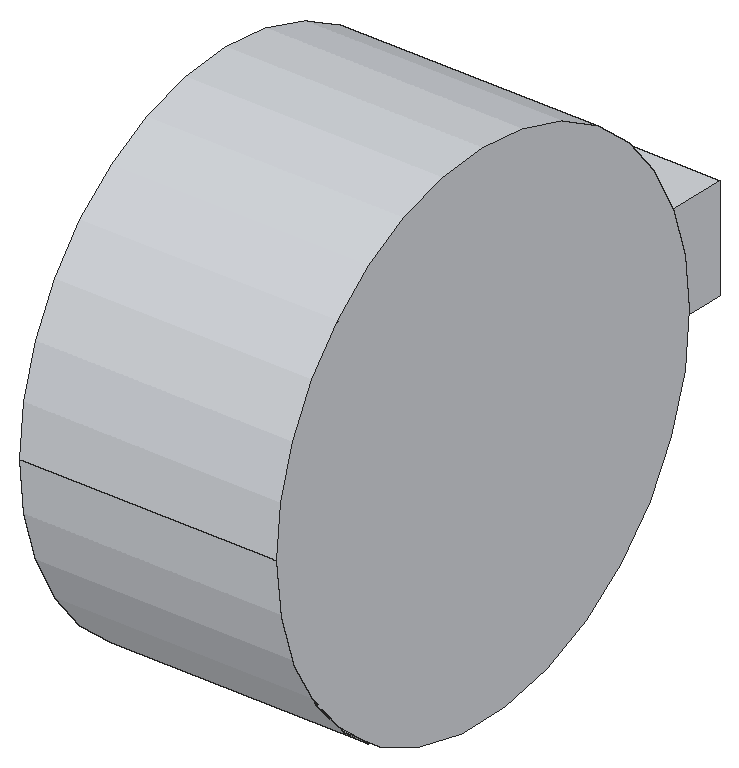
Revit family "Fire Smoke - Round", category Duct Accessories, Revit 2017
Family settings
  Round Connector Dimension = Use Radius
  Part Type = Damper
  OmniClass Number = 23.75.70.11.14.14
  OmniClass Title = Dampers for Air Ductwork
  Work Plane-Based = No
  Always vertical = Yes
  Cut with Voids When Loaded = No
  Shared = No
Parameters (values of type "Design to Fab")
  Width 1 = Length 1 * 2 / 3  # 0' - 2.4"
  Pressure Drop [instance] = 0.00 in-wg
  Length 1 = 0.6 * Damper Length  # 0' - 3.6"
  Duct Radius [instance] = 6"
  Damper Material = none
  Damper Length = 0' - 6"
  Duct Diameter [instance] = Duct Radius * 2  # 12"
Reference planes (in)
  plane 1 "Center (Front/Back)": y = 0
  plane 2: z = 0
  plane 3 "Center (Left/Right)": x = 0
  plane 4 "Damper Length": x = -3
  plane 5: x = 3
  plane 6: y = 6
  plane 7: y = 8.4
  plane 8: x = -1.8
  plane 9: x = 1.8
  plane 10: z = 1.2
  plane 11: z = -1.2
Forms (in)
  Extrusion 1, solid, material <- "Damper Material", detail levels coarse+medium
    sketch origin (0, 0, 0) x (0, 1, 0) y (0, 0, 1)
      loop
        circle (0, 0) r 6
    from -3 to 3
  Extrusion 2, solid, material <- "Damper Material"
    sketch origin (0, 0, 0) x (1, 0, 0) y (0, 1, 0)
      loop
        line (-1.8, 8.4) -> (-1.8, 6) -> (1.8, 6) -> (1.8, 8.4) -> (-1.8, 8.4)
    from -1.2 to 1.2
  Extrusion 3, solid, material <- "Damper Material"
    sketch origin (0, 0, 0) x (0, 1, 0) y (0, 0, 1)
      loop
        circle (0, 0) r 6
    from -3 to 3
Dimensions and locks (in)
  equal spacing: plane 4 "Damper Length", plane 3 "Center (Left/Right)", plane 5
  "Damper Length": plane 4 "Damper Length" to plane 5
  "Duct Radius": plane 6 to plane 1 "Center (Front/Back)"
  "Width 1": plane 7 to plane 6
  equal spacing: plane 8, plane 3 "Center (Left/Right)", plane 9
  "Length 1": plane 8 to plane 9
  equal spacing: plane 11, plane 2, plane 10
  "Width 1": plane 11 to plane 10
  "Duct Radius": radius of Extrusion 1 sketch curve
  "Duct Radius": radius of Extrusion 3 sketch curve
  aligned and locked: plane 2 to Extrusion 1 sketch curve
  aligned and locked: plane 1 "Center (Front/Back)" to Extrusion 1 sketch curve
  aligned and locked: Extrusion 1 to plane 4 "Damper Length"
  aligned and locked: plane 5 to Extrusion 1
  aligned and locked: plane 8 to Extrusion 2 sketch curve
  aligned and locked: Extrusion 2 sketch curve to plane 7
  aligned and locked: plane 6 to Extrusion 2 sketch curve
  aligned and locked: Extrusion 2 to plane 11
  aligned and locked: plane 10 to Extrusion 2
  aligned and locked: plane 2 to Extrusion 3 sketch curve
  aligned and locked: plane 1 "Center (Front/Back)" to Extrusion 3 sketch curve
  aligned and locked: Extrusion 3 to plane 4 "Damper Length"
  aligned and locked: plane 5 to Extrusion 3
Automatic sketch dimensions
  Extrusion 2 sketch curve to plane 9 = 0' - 0"
Connectors (in)
  hvac at (-3, 0, 0), driven by "Duct Radius", driven by "Pressure Drop"
    settings: on Extrusion 1, index 1, duct flow 0 CFM, flow factor 0, pres drop 0.00 in-wg, loss coef 0, conn angle 0.00°, conn width 12", conn height 12", conn diameter 12", duct sys type 29, conn prof type 0, flow config 0, flow direction 0, loss method 4, conn ref index 2, conn util no, is conn primary yes, conn desc ""
  hvac at (3, 0, 0), driven by "Duct Radius"
    settings: on Extrusion 1, index 2, duct flow 0 CFM, flow factor 0, pres drop 0.00 in-wg, loss coef 0, conn angle 0.00°, conn width 12", conn height 12", conn diameter 12", duct sys type 29, conn prof type 0, flow config 0, flow direction 0, loss method 4, conn ref index 1, conn util no, is conn primary no, conn desc ""
